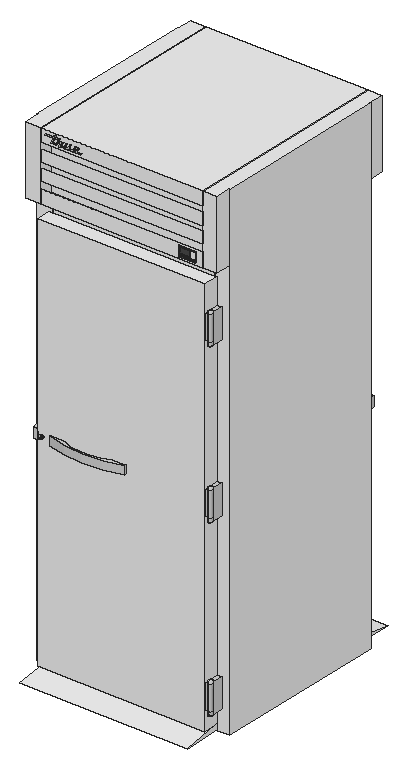
Revit family
Parameters
  Weight in Pounds = 0
  Watts = Volts * FL Amps  # 1023.5 W
  Volts = 115 V
  URL Cutsheet = "www.truemfg.com"
  URL = "www.truemfg.com"
  Type Mark [instance] = ""
  Type Comments = ""
  Status [instance] = ""
  Specification by User [instance] = ""
  Specification by Manufacturer = ""
  Show Logo [instance] = yes
  Show Clearance [instance] = yes
  Serial Number = ""
  Seismic Rating = ""
  SMACNA No = ""
  Revision Code [instance] = ""
  Phase = 1
  Omniclass Number and Title = ""
  Number of Poles [instance] = 1
  NAFEM Spec ID Number = ""
  Model = "STG1RRT89-1S-1S"
  Min Ckt Ampacity = 0 A
  Max Overcurrent Protection = 0 A
  Masterspec = ""
  Manufacturer = "TRUE FOOD SERVICE EQUIPMENT, INC."
  Length = 35"
  Item Number [instance] = ""
  Installed By [instance] = ""
  Identify Quantity as Lot [instance] = yes
  Height = 88 3/4"
  HP = "1/3"
  Furnished By [instance] = ""
  Foodservice Equipment Identifier [instance] = yes
  FL Amps = 8.9 A
  Electrical Remarks [instance] = ""
  Electric Connection Type [instance] = ""
  Elec Conn RI Height [instance] = 0"
  Elec Conn Connection Height [instance] = 0"
  Description = "Roll-thru Solid Swing Door Refrigerator"
  Depth = 37 1/2"
  Cycle = 60 Hz
  Conn Plug = "5-15P"
  Conn Conduit = yes
  CSI MasterFormat = ""
  CSI Master Format = ""
  Apparent Power = if(Phase = 3, Volts * FL Amps * 1.73, Volts * FL Amps)  # 1023.5 VA
Reference planes (in)
  plane 1 "BACK": y = 0
  plane 2: z = 0
  plane 3 "LEFT": x = 0
  plane 4 "RIGHT": x = 35
  plane 5 "FRONT": y = -37.5
  plane 6 "TOP": z = 88.75
  plane 7: x = 2.84375
  plane 8: y = -37.4542
  plane 9: x = 32.15625
  plane 10: y = -0.0458
  plane 11: y = -18.75
  plane 12: z = 73.75
Forms (in)
  Extrusion 1, solid, material "QF_Finishes_Chrome - Satin"
    sketch origin (0.05, 0, 0) x (1, 0, 0) y (0, 1, 0)
      loop
        line (-0.05, -2.75) -> (-0.05, -34.75) -> (2.87859, -34.75) -> (2.87859, -2.75) -> (-0.05, -2.75)
    from 0 to 88.75
  Extrusion 2, solid, material "QF_Finishes_Chrome - Satin"
    sketch origin (50.15, 0, 0) x (1, 0, 0) y (0, 1, 0)
      loop
        line (-17.85, -2.75) -> (-17.85, -34.75) -> (-15.15, -34.75) -> (-15.15, -2.75) -> (-17.85, -2.75)
    from 0 to 88.75
  Extrusion 3, solid, material "QF_Finishes_Chrome - Satin"
    sketch origin (0, 0, 0) x (0, 1, 0) y (0, 0, 1)
      loop
        line (-37.4542, 76.28125) -> (-34.75, 76.28125) -> (-34.75, 0) -> (-2.75, 0) -> (-2.75, 76.28125) -> (-0.0458, 76.28125) -> (-0.0458, 78.81726) -> (-2.25, 77.25) -> (-2.25, 78.52557) -> (-0.0458, 80.09284) -> (-0.0458, 82.18904) -> (-2.25, 80.62178) -> (-2.25, 81.58254) -> (-0.0458, 83.1498) -> (-0.0458, 85.28351) -> (-2.25, 83.71625) -> (-2.25, 84.83852) -> (-0.0458, 86.40578) -> (-0.0458, 88.75) -> (-37.4542, 88.75) -> (-37.4542, 86.40578) -> (-35.25, 84.83852) -> (-35.25, 83.71625) -> (-37.4542, 85.28351) -> (-37.4542, 83.1498) -> (-35.25, 81.58254) -> (-35.25, 80.62178) -> (-37.4542, 82.18904) -> (-37.4542, 80.09284) -> (-35.25, 78.52557) -> (-35.25, 77.25) -> (-37.4542, 78.81726) -> (-37.4542, 76.28125)
    from 2.92859 to 32.3
  Extrusion 4, solid, material "QF_Finishes_Chrome - Satin"
    sketch origin (0, 0, 0) x (1, 0, 0) y (0, 1, 0)
      loop
        line (34.84782, -34.75) -> (32.3, -34.75) -> (32.3, -37.5) -> (34.84782, -37.5) -> (34.84782, -34.75)
      loop
        line (34.84782, -2.75) -> (34.84782, 0) -> (32.3, 0) -> (32.3, -2.75) -> (34.84782, -2.75)
    from 76.28125 to 88.75
  Extrusion 5, solid, material "QF_Finishes_Chrome - Satin"
    sketch origin (-50.125, 0, 0.25) x (1, 0, 0) y (0, 1, 0)
      loop
        line (53.05359, -34.75) -> (50.24109, -34.75) -> (50.24109, -37.5) -> (53.05359, -37.5) -> (53.05359, -34.75)
      loop
        line (53.05359, -2.75) -> (53.05359, 0) -> (50.24109, 0) -> (50.24109, -2.75) -> (53.05359, -2.75)
    from 76.03125 to 88.5
  Extrusion 6, solid, material "QF_Finishes_Chrome - Satin"
    sketch origin (-24.96875, -3.75, -0.71875) x (1, 0, 0) y (0, 0, 1)
      loop
        line (27.25, 1.71875) -> (57.65625, 1.71875) -> (57.65625, 74.46875) -> (27.25, 74.46875) -> (27.25, 1.71875)
    from 31 to 33.75
  Extrusion 7, solid, material "QF_Finishes_Handrails and Railings"
    sketch origin (58.625, -0.25, 26.93519) x (1, 0, 0) y (0, 1, 0)
      loop
        line (-53.875, -37.25) -> (-53.875, -37.45)
        arc (-53.875, -37.45) -> (-47.075, -38.65633) -> (-40.275, -37.45) r 19.7687
        line (-40.275, -37.45) -> (-40.275, -37.25) -> (-42.675, -37.25)
        arc (-42.675, -37.25) -> (-47.075, -38.40816) -> (-51.475, -37.25) r 8.93713
        line (-51.475, -37.25) -> (-53.875, -37.25)
    from 10.87731 to 12.37731
  Extrusion 8, solid, material "QF_Finishes_Handrails and Railings"
    sketch origin (-23.375, -3.83467, -1.5) x (1, 0, 0) y (0, 0, 1)
      loop
        circle (26.4375, 40.0625) r 0.35
      loop
        line (26.47265, 40.33635) -> (26.41715, 40.33635) -> (26.41715, 39.76895) -> (26.47265, 39.76895) -> (26.47265, 40.33635)
    from 33.5 to 33.83066
  Extrusion 9, solid, material "QF_Finishes_Handrails and Railings", visible <- "Show Logo"
    sketch origin (0.33478, -2.68623, 5.01857) x (1, 0, 0) y (0, 0, 1)
      loop
        line (3.46044, 83.08731) -> (3.35478, 82.86073) -> (4.76027, 82.86073)
        arc (4.76027, 82.86073) -> (4.78879, 82.81028) -> (4.76027, 82.75984) r 0.05887
        line (4.76027, 82.75984) -> (4.39369, 81.97372)
        arc (4.39369, 81.97372) -> (4.39051, 81.90091) -> (4.43975, 81.84717) r 0.09523
        line (4.43975, 81.84717) -> (5.33844, 81.84717)
        arc (5.33844, 81.84717) -> (5.45192, 81.88295) -> (5.52436, 81.97735) r 0.19785
        line (5.52436, 81.97735) -> (5.81285, 82.59601) -> (6.0779, 82.59601)
        arc (6.0779, 82.59601) -> (6.14744, 82.57043) -> (6.13737, 82.49703) r 0.05911
        line (6.13737, 82.49703) -> (5.89598, 81.97937)
        arc (5.89598, 81.97937) -> (5.89974, 81.8934) -> (5.97231, 81.84717) r 0.09318
        line (5.97231, 81.84717) -> (6.76198, 81.84717)
        arc (6.76198, 81.84717) -> (6.82249, 81.86919) -> (6.85468, 81.92495) r 0.09412
        arc (6.85468, 81.92495) -> (6.87746, 81.86995) -> (6.93246, 81.84717) r 0.07778
        line (6.93246, 81.84717) -> (7.43246, 81.84717)
        arc (7.43246, 81.84717) -> (7.49022, 81.86265) -> (7.53251, 81.90493) r 0.11552
        arc (7.53251, 81.90493) -> (7.55275, 81.85606) -> (7.60162, 81.83581) r 0.06912
        line (7.60162, 81.83581) -> (8.31225, 81.83581)
        arc (8.31225, 81.83581) -> (8.37034, 81.85988) -> (8.39441, 81.91797) r 0.08216
        arc (8.39441, 81.91797) -> (8.44767, 81.86472) -> (8.52042, 81.84522) r 0.14551
        line (8.52042, 81.84522) -> (9.85158, 81.84522) -> (9.99946, 82.10134) -> (8.65678, 82.10134)
        arc (8.65678, 82.10134) -> (8.61972, 82.12704) -> (8.61834, 82.17211) r 0.05009
        line (8.61834, 82.17211) -> (8.64157, 82.22192)
        arc (8.64157, 82.22192) -> (8.67723, 82.26864) -> (8.73327, 82.28635) r 0.09747
        line (8.73327, 82.28635) -> (9.16485, 82.28635)
        arc (9.16485, 82.28635) -> (9.258, 82.31131) -> (9.32619, 82.3795) r 0.1863
        line (9.32619, 82.3795) -> (9.45119, 82.59601)
        arc (9.45119, 82.59601) -> (9.45119, 82.71157) -> (9.35111, 82.76934) r 0.11556
        line (9.35111, 82.76934) -> (8.89562, 82.76934)
        arc (8.89562, 82.76934) -> (8.7795, 82.74962) -> (8.69849, 82.66412) r 0.18605
        line (8.69849, 82.66412) -> (8.48204, 82.19993)
        arc (8.48204, 82.19993) -> (8.41815, 82.11667) -> (8.31806, 82.08511) r 0.1745
        line (8.31806, 82.08511) -> (7.84559, 82.08511)
        arc (7.84559, 82.08511) -> (7.78903, 82.14684) -> (7.79268, 82.23048) r 0.10939
        line (7.79268, 82.23048) -> (8.04395, 82.76934) -> (7.88403, 82.76934) -> (7.61781, 82.19844)
        arc (7.61781, 82.19844) -> (7.56609, 82.13103) -> (7.48505, 82.10548) r 0.14128
        line (7.48505, 82.10548) -> (7.15925, 82.10548)
        arc (7.15925, 82.10548) -> (7.10419, 82.17723) -> (7.116, 82.26689) r 0.11816
        line (7.116, 82.26689) -> (7.3503, 82.76934) -> (7.18514, 82.76934) -> (6.91546, 82.191)
        arc (6.91546, 82.191) -> (6.85285, 82.12839) -> (6.76733, 82.10548) r 0.17104
        line (6.76733, 82.10548) -> (6.29555, 82.10548)
        arc (6.29555, 82.10548) -> (6.21082, 82.14499) -> (6.20267, 82.23813) r 0.0935
        line (6.20267, 82.23813) -> (6.35774, 82.57069) -> (6.57695, 82.57069)
        arc (6.57695, 82.57069) -> (6.61395, 82.68217) -> (6.69267, 82.76934) r 0.2857
        line (6.69267, 82.76934) -> (5.83605, 82.76934)
        arc (5.83605, 82.76934) -> (5.74086, 82.74824) -> (5.67498, 82.67635) r 0.16212
        line (5.67498, 82.67635) -> (5.44279, 82.17841)
        arc (5.44279, 82.17841) -> (5.3894, 82.12502) -> (5.31647, 82.10548) r 0.14586
        line (5.31647, 82.10548) -> (4.80506, 82.10548)
        arc (4.80506, 82.10548) -> (4.76514, 82.15942) -> (4.77274, 82.22609) r 0.09155
        line (4.77274, 82.22609) -> (5.11018, 82.86073) -> (5.96155, 82.86073) -> (6.06721, 83.08731) -> (5.21584, 83.08731) -> (5.32149, 83.31388) -> (5.01862, 83.31388) -> (4.91297, 83.08731) -> (3.46044, 83.08731)
      loop
        arc (8.83805, 82.56363) -> (8.80119, 82.55375) -> (8.7742, 82.52676) r 0.07373
        line (8.7742, 82.52676) -> (8.75229, 82.45936)
        arc (8.75229, 82.45936) -> (8.76245, 82.43483) -> (8.78699, 82.42466) r 0.0347
        line (8.78699, 82.42466) -> (9.15948, 82.42466)
        arc (9.15948, 82.42466) -> (9.18632, 82.43061) -> (9.20812, 82.44734) r 0.0635
        line (9.20812, 82.44734) -> (9.22624, 82.53122)
        arc (9.22624, 82.53122) -> (9.22091, 82.55368) -> (9.20009, 82.56363) r 0.02676
        line (9.20009, 82.56363) -> (8.83805, 82.56363)
    from 34.76797 to 34.83173
  Extrusion 10, solid, material "QF_Finishes_White"
    sketch origin (-22.74812, -2.7042, -7.94372) x (1, 0, 0) y (0, 0, 1)
      loop
        line (50.81732, 86.35727) -> (50.81732, 84.60996) -> (53.72357, 84.60996) -> (53.72357, 86.35727) -> (50.81732, 86.35727)
    from 34.75 to 34.76797
  Extrusion 11, solid, material "QF_Finishes_Black"
    sketch origin (-22.74812, -2.7042, -7.94372) x (1, 0, 0) y (0, 0, 1)
      loop
        line (53.78607, 86.41977) -> (50.75482, 86.41977) -> (50.75482, 84.54746) -> (53.78607, 84.54746) -> (53.78607, 86.41977)
      loop
        spline (50.95482, 84.87872) -> (50.96333, 84.86254) -> (50.98831, 84.84747) -> (51.02804, 84.83452) -> (51.07982, 84.82459) -> (51.14011, 84.81835) -> (51.20482, 84.81622) -> (51.26952, 84.81835) -> (51.32982, 84.82459) -> (51.38159, 84.83452) -> (51.42132, 84.84747) -> (51.4463, 84.86254) -> (51.45482, 84.87872)
        spline (51.45482, 84.87872) -> (51.4463, 84.89489) -> (51.42132, 84.90997) -> (51.38159, 84.92291) -> (51.32982, 84.93284) -> (51.26952, 84.93909) -> (51.20482, 84.94122) -> (51.14011, 84.93909) -> (51.07982, 84.93284) -> (51.02804, 84.92291) -> (50.98831, 84.90997) -> (50.96333, 84.89489) -> (50.95482, 84.87872)
      loop
        spline (51.65083, 84.87872) -> (51.65935, 84.86254) -> (51.68432, 84.84747) -> (51.72405, 84.83452) -> (51.77583, 84.82459) -> (51.83612, 84.81835) -> (51.90083, 84.81622) -> (51.96553, 84.81835) -> (52.02583, 84.82459) -> (52.07761, 84.83452) -> (52.11734, 84.84747) -> (52.14231, 84.86254) -> (52.15083, 84.87872)
        spline (52.15083, 84.87872) -> (52.14231, 84.89489) -> (52.11734, 84.90997) -> (52.07761, 84.92291) -> (52.02583, 84.93284) -> (51.96553, 84.93909) -> (51.90083, 84.94122) -> (51.83612, 84.93909) -> (51.77583, 84.93284) -> (51.72405, 84.92291) -> (51.68432, 84.90997) -> (51.65935, 84.89489) -> (51.65083, 84.87872)
      loop
        spline (52.40083, 84.87872) -> (52.40935, 84.86254) -> (52.43432, 84.84747) -> (52.47405, 84.83452) -> (52.52583, 84.82459) -> (52.58612, 84.81835) -> (52.65083, 84.81622) -> (52.71553, 84.81835) -> (52.77583, 84.82459) -> (52.82761, 84.83452) -> (52.86734, 84.84747) -> (52.89231, 84.86254) -> (52.90083, 84.87872)
        spline (52.90083, 84.87872) -> (52.89231, 84.89489) -> (52.86734, 84.90997) -> (52.82761, 84.92291) -> (52.77583, 84.93284) -> (52.71553, 84.93909) -> (52.65083, 84.94122) -> (52.58612, 84.93909) -> (52.52583, 84.93284) -> (52.47405, 84.92291) -> (52.43432, 84.90997) -> (52.40935, 84.89489) -> (52.40083, 84.87872)
      loop
        line (50.95481, 86.21978) -> (50.95481, 85.21978) -> (52.65433, 85.21978) -> (52.65433, 86.21978) -> (50.95481, 86.21978)
      loop
        line (53.72357, 86.35727) -> (50.81732, 86.35727) -> (50.81732, 84.60996) -> (53.72357, 84.60996) -> (53.72357, 86.35727)
      loop
        spline (53.15083, 84.87872) -> (53.15935, 84.86254) -> (53.18432, 84.84747) -> (53.22405, 84.83452) -> (53.27583, 84.82459) -> (53.33612, 84.81835) -> (53.40083, 84.81622) -> (53.46553, 84.81835) -> (53.52583, 84.82459) -> (53.57761, 84.83452) -> (53.61734, 84.84747) -> (53.64231, 84.86254) -> (53.65083, 84.87872)
        spline (53.65083, 84.87872) -> (53.64231, 84.89489) -> (53.61734, 84.90997) -> (53.57761, 84.92291) -> (53.52583, 84.93284) -> (53.46553, 84.93909) -> (53.40083, 84.94122) -> (53.33612, 84.93909) -> (53.27583, 84.93284) -> (53.22405, 84.92291) -> (53.18432, 84.90997) -> (53.15935, 84.89489) -> (53.15083, 84.87872)
    from 34.76797 to 34.80335
  Extrusion 12, solid
    sketch origin (-25.125, 0, 0) x (1, 0, 0) y (0, 0, 1)
      loop
        circle (56.875, 86.625) r 0.25
    from 0 to 0.0625
  Blend 13, solid, material "QF_Finishes_Handrails and Railings"
    base sketch origin (27.53125, -3.75, 0.5) x (-1, 0, 0) y (0, 0, -1)
      loop
        line (25.25, -38.99169) -> (26, -38.99169) -> (26, -37.24169) -> (25.25, -37.24169) -> (25.25, -38.99169)
    top sketch origin (27.53125, 0, 0.5) x (-1, 0, 0) y (0, 0, -1)
      loop
        line (26.18223, -36.6441) -> (25.25, -36.6441) -> (25.25, -39.42643) -> (26.18223, -39.42643) -> (26.18223, -36.6441)
    from 33.57883 to 34.75
  Extrusion 14, solid, material "QF_Finishes_Handrails and Railings"
    sketch origin (33.78125, 0, 0) x (0, 1, 0) y (0, 0, -1)
      loop
        line (-34.75, -69.17729) -> (-34.75, -63.86127) -> (-37, -63.86127) -> (-37, -64.57348) -> (-36.56497, -64.57348) -> (-36.56497, -68.97276)
        arc (-36.56497, -68.97276) -> (-36.50506, -69.11738) -> (-36.36044, -69.17729) r 0.20453
        line (-36.36044, -69.17729) -> (-34.75, -69.17729)
    from 0.17506 to 1
  Revolve 15, solid, material "QF_Finishes_Handrails and Railings"
    sketch origin (33.28125, 0, 0) x (0, 1, 0) y (0, 0, -1)
      loop
        line (-37.01563, -64.62689) -> (-37.42229, -64.62689) -> (-37.42229, -69.0986)
        arc (-37.42229, -69.0986) -> (-37.28722, -69.35057) -> (-37.01563, -69.43983) r 0.3848
        line (-37.01563, -69.43983) -> (-37.01563, -64.62689)
      loop
        line (-37.01563, -64.57348) -> (-37.01563, -63.67281)
        arc (-37.01563, -63.67281) -> (-37.28264, -63.75883) -> (-37.42229, -64.00212) r 0.38884
        line (-37.42229, -64.00212) -> (-37.42229, -64.57348) -> (-37.01563, -64.57348)
      axis (-37.01563, -63.67281) -> (-37.01563, -69.43983)
    angle from 0 to 360
  Extrusion 16, solid, material "QF_Finishes_Handrails and Railings"
    sketch origin (27.5, -3.82734, 0.0011) x (-1, 0, 0) y (0, 0, -1)
      loop
        line (-5.58509, -69.0986) -> (-5.1875, -69.0986) -> (-5.1875, -64.62579) -> (-5.58509, -64.62579) -> (-5.58509, -69.0986)
    from 32.81497 to 33.59495
  Extrusion 17, solid, material "QF_Finishes_Handrails and Railings"
    sketch origin (33.78125, 0, -24) x (0, 1, 0) y (0, 0, -1)
      loop
        line (-34.75, -64.55229) -> (-34.75, -59.23627) -> (-37, -59.23627) -> (-37, -59.94848) -> (-36.56497, -59.94848) -> (-36.56497, -64.34776)
        arc (-36.56497, -64.34776) -> (-36.50506, -64.49238) -> (-36.36044, -64.55229) r 0.20453
        line (-36.36044, -64.55229) -> (-34.75, -64.55229)
    from 0.17506 to 1
  Revolve 18, solid, material "QF_Finishes_Handrails and Railings"
    sketch origin (33.28125, 0, -24) x (0, 1, 0) y (0, 0, -1)
      loop
        line (-37.01563, -60.00189) -> (-37.42229, -60.00189) -> (-37.42229, -64.4736)
        arc (-37.42229, -64.4736) -> (-37.28722, -64.72557) -> (-37.01563, -64.81483) r 0.3848
        line (-37.01563, -64.81483) -> (-37.01563, -60.00189)
      loop
        line (-37.01563, -59.94848) -> (-37.01563, -59.04781)
        arc (-37.01563, -59.04781) -> (-37.28264, -59.13383) -> (-37.42229, -59.37712) r 0.38884
        line (-37.42229, -59.37712) -> (-37.42229, -59.94848) -> (-37.01563, -59.94848)
      axis (-37.01563, -59.04781) -> (-37.01563, -64.81483)
    angle from 0 to 360
  Extrusion 19, solid, material "QF_Finishes_Handrails and Railings"
    sketch origin (27.5, -3.82734, -23.9989) x (-1, 0, 0) y (0, 0, -1)
      loop
        line (-5.58509, -64.4736) -> (-5.1875, -64.4736) -> (-5.1875, -60.00079) -> (-5.58509, -60.00079) -> (-5.58509, -64.4736)
    from 32.81497 to 33.59495
  Extrusion 20, solid, material "QF_Finishes_Handrails and Railings"
    sketch origin (33.78125, 0, -55.5) x (0, 1, 0) y (0, 0, -1)
      loop
        line (-34.75, -64.55229) -> (-34.75, -59.23627) -> (-37, -59.23627) -> (-37, -59.94848) -> (-36.56497, -59.94848) -> (-36.56497, -64.34776)
        arc (-36.56497, -64.34776) -> (-36.50506, -64.49238) -> (-36.36044, -64.55229) r 0.20453
        line (-36.36044, -64.55229) -> (-34.75, -64.55229)
    from 0.17506 to 1
  Revolve 21, solid, material "QF_Finishes_Handrails and Railings"
    sketch origin (33.28125, 0, -55.5) x (0, 1, 0) y (0, 0, -1)
      loop
        line (-37.01563, -60.00189) -> (-37.42229, -60.00189) -> (-37.42229, -64.4736)
        arc (-37.42229, -64.4736) -> (-37.28722, -64.72557) -> (-37.01563, -64.81483) r 0.3848
        line (-37.01563, -64.81483) -> (-37.01563, -60.00189)
      loop
        line (-37.01563, -59.94848) -> (-37.01563, -59.04781)
        arc (-37.01563, -59.04781) -> (-37.28264, -59.13383) -> (-37.42229, -59.37712) r 0.38884
        line (-37.42229, -59.37712) -> (-37.42229, -59.94848) -> (-37.01563, -59.94848)
      axis (-37.01563, -59.04781) -> (-37.01563, -64.81483)
    angle from 0 to 360
  Extrusion 22, solid, material "QF_Finishes_Handrails and Railings"
    sketch origin (27.5, -3.82734, -55.4989) x (-1, 0, 0) y (0, 0, -1)
      loop
        line (-5.58509, -64.4736) -> (-5.1875, -64.4736) -> (-5.1875, -60.00079) -> (-5.58509, -60.00079) -> (-5.58509, -64.4736)
    from 32.81497 to 33.59495
  Extrusion 23, solid, material "QF_Finishes_Door Clearance", visible <- "Show Clearance", detail levels coarse
    sketch origin (26.42841, -3.6098, 0) x (1, 0, 0) y (0, 1, 0)
      loop
        line (6.32159, -33.8902) -> (-24.14716, -33.8902)
        arc (-24.14716, -33.8902) -> (-15.22307, -55.43486) -> (6.32159, -64.35895) r 30.46875
        line (6.32159, -64.35895) -> (6.32159, -33.8902)
    from 1 to 73.75
  Extrusion 24, solid, material "QF_Finishes_Chrome - Satin"
    sketch origin (32.6875, -3.75, 1) x (0, 0, 1) y (0, -1, 0)
      loop
        line (-1, 37.6875) -> (-1, 31) -> (0, 31) -> (-1, 37.6875)
    from 0 to -30.40625
  Extrusion 25, solid, material "QF_Finishes_Chrome - Satin"
    sketch origin (59.96875, -33.75, -0.71875) x (-1, 0, 0) y (0, 0, 1)
      loop
        line (27.25, 1.71875) -> (57.65625, 1.71875) -> (57.65625, 74.46875) -> (27.25, 74.46875) -> (27.25, 1.71875)
    from 31 to 33.75
  Extrusion 26, solid, material "QF_Finishes_Handrails and Railings"
    sketch origin (-23.625, -37.25, 26.93519) x (-1, 0, 0) y (0, -1, 0)
      loop
        line (-53.875, -37.25) -> (-53.875, -37.45)
        arc (-53.875, -37.45) -> (-47.075, -38.65628) -> (-40.275, -37.45) r 19.76948
        line (-40.275, -37.45) -> (-40.275, -37.25) -> (-42.675, -37.25)
        arc (-42.675, -37.25) -> (-47.075, -38.40816) -> (-51.475, -37.25) r 8.93715
        line (-51.475, -37.25) -> (-53.875, -37.25)
    from 10.87731 to 12.37731
  Extrusion 27, solid, material "QF_Finishes_Handrails and Railings"
    sketch origin (58.375, -33.66533, -1.5) x (-1, 0, 0) y (0, 0, 1)
      loop
        circle (26.4375, 40.0625) r 0.35
      loop
        line (26.47265, 40.33635) -> (26.41715, 40.33635) -> (26.41715, 39.76895) -> (26.47265, 39.76895) -> (26.47265, 40.33635)
    from 33.5 to 33.83066
  Blend 28, solid, material "QF_Finishes_Handrails and Railings"
    base sketch origin (7.46875, -33.75, 0.5) x (1, 0, 0) y (0, 0, -1)
      loop
        line (25.25, -38.99169) -> (26, -38.99169) -> (26, -37.24169) -> (25.25, -37.24169) -> (25.25, -38.99169)
    top sketch origin (7.46875, -37.5, 0.5) x (1, 0, 0) y (0, 0, -1)
      loop
        line (26.18223, -36.6441) -> (25.25, -36.6441) -> (25.25, -39.42643) -> (26.18223, -39.42643) -> (26.18223, -36.6441)
    from 33.57883 to 34.75
  Extrusion 29, solid, material "QF_Finishes_Handrails and Railings"
    sketch origin (1.21875, -37.5, 0) x (0, -1, 0) y (0, 0, -1)
      loop
        line (-34.75, -69.17729) -> (-34.75, -63.86127) -> (-37, -63.86127) -> (-37, -64.57348) -> (-36.56497, -64.57348) -> (-36.56497, -68.97276)
        arc (-36.56497, -68.97276) -> (-36.50506, -69.11738) -> (-36.36044, -69.17729) r 0.20453
        line (-36.36044, -69.17729) -> (-34.75, -69.17729)
    from 0.17506 to 1
  Revolve 30, solid, material "QF_Finishes_Handrails and Railings"
    sketch origin (1.71875, -37.5, 0) x (0, -1, 0) y (0, 0, -1)
      loop
        line (-37.01563, -64.62689) -> (-37.42229, -64.62689) -> (-37.42229, -69.0986)
        arc (-37.42229, -69.0986) -> (-37.28722, -69.35057) -> (-37.01563, -69.43983) r 0.3848
        line (-37.01563, -69.43983) -> (-37.01563, -64.62689)
      loop
        line (-37.01563, -64.57348) -> (-37.01563, -63.67281)
        arc (-37.01563, -63.67281) -> (-37.28264, -63.75883) -> (-37.42229, -64.00212) r 0.38884
        line (-37.42229, -64.00212) -> (-37.42229, -64.57348) -> (-37.01563, -64.57348)
      axis (-37.01563, -63.67281) -> (-37.01563, -69.43983)
    angle from 0 to 360
  Extrusion 31, solid, material "QF_Finishes_Handrails and Railings"
    sketch origin (7.5, -33.67266, 0.0011) x (1, 0, 0) y (0, 0, -1)
      loop
        line (-5.58509, -69.0986) -> (-5.1875, -69.0986) -> (-5.1875, -64.62579) -> (-5.58509, -64.62579) -> (-5.58509, -69.0986)
    from 32.81497 to 33.59495
  Extrusion 32, solid, material "QF_Finishes_Handrails and Railings"
    sketch origin (1.21875, -37.5, -24) x (0, -1, 0) y (0, 0, -1)
      loop
        line (-34.75, -64.55229) -> (-34.75, -59.23627) -> (-37, -59.23627) -> (-37, -59.94848) -> (-36.56497, -59.94848) -> (-36.56497, -64.34776)
        arc (-36.56497, -64.34776) -> (-36.50506, -64.49238) -> (-36.36044, -64.55229) r 0.20453
        line (-36.36044, -64.55229) -> (-34.75, -64.55229)
    from 0.17506 to 1
  Revolve 33, solid, material "QF_Finishes_Handrails and Railings"
    sketch origin (1.71875, -37.5, -24) x (0, -1, 0) y (0, 0, -1)
      loop
        line (-37.01563, -60.00189) -> (-37.42229, -60.00189) -> (-37.42229, -64.4736)
        arc (-37.42229, -64.4736) -> (-37.28722, -64.72557) -> (-37.01563, -64.81483) r 0.3848
        line (-37.01563, -64.81483) -> (-37.01563, -60.00189)
      loop
        line (-37.01563, -59.94848) -> (-37.01563, -59.04781)
        arc (-37.01563, -59.04781) -> (-37.28264, -59.13383) -> (-37.42229, -59.37712) r 0.38884
        line (-37.42229, -59.37712) -> (-37.42229, -59.94848) -> (-37.01563, -59.94848)
      axis (-37.01563, -59.04781) -> (-37.01563, -64.81483)
    angle from 0 to 360
  Extrusion 34, solid, material "QF_Finishes_Handrails and Railings"
    sketch origin (7.5, -33.67266, -23.9989) x (1, 0, 0) y (0, 0, -1)
      loop
        line (-5.58509, -64.4736) -> (-5.1875, -64.4736) -> (-5.1875, -60.00079) -> (-5.58509, -60.00079) -> (-5.58509, -64.4736)
    from 32.81497 to 33.59495
  Extrusion 35, solid, material "QF_Finishes_Handrails and Railings"
    sketch origin (1.21875, -37.5, -55.5) x (0, -1, 0) y (0, 0, -1)
      loop
        line (-34.75, -64.55229) -> (-34.75, -59.23627) -> (-37, -59.23627) -> (-37, -59.94848) -> (-36.56497, -59.94848) -> (-36.56497, -64.34776)
        arc (-36.56497, -64.34776) -> (-36.50506, -64.49238) -> (-36.36044, -64.55229) r 0.20453
        line (-36.36044, -64.55229) -> (-34.75, -64.55229)
    from 0.17506 to 1
  Revolve 36, solid, material "QF_Finishes_Handrails and Railings"
    sketch origin (1.71875, -37.5, -55.5) x (0, -1, 0) y (0, 0, -1)
      loop
        line (-37.01563, -60.00189) -> (-37.42229, -60.00189) -> (-37.42229, -64.4736)
        arc (-37.42229, -64.4736) -> (-37.28722, -64.72557) -> (-37.01563, -64.81483) r 0.3848
        line (-37.01563, -64.81483) -> (-37.01563, -60.00189)
      loop
        line (-37.01563, -59.94848) -> (-37.01563, -59.04781)
        arc (-37.01563, -59.04781) -> (-37.28264, -59.13383) -> (-37.42229, -59.37712) r 0.38884
        line (-37.42229, -59.37712) -> (-37.42229, -59.94848) -> (-37.01563, -59.94848)
      axis (-37.01563, -59.04781) -> (-37.01563, -64.81483)
    angle from 0 to 360
  Extrusion 37, solid, material "QF_Finishes_Handrails and Railings"
    sketch origin (7.5, -33.67266, -55.4989) x (1, 0, 0) y (0, 0, -1)
      loop
        line (-5.58509, -64.4736) -> (-5.1875, -64.4736) -> (-5.1875, -60.00079) -> (-5.58509, -60.00079) -> (-5.58509, -64.4736)
    from 32.81497 to 33.59495
  Extrusion 38, solid, material "QF_Finishes_Door Clearance", visible <- "Show Clearance", detail levels coarse
    sketch origin (8.57159, -33.8902, 0) x (-1, 0, 0) y (0, -1, 0)
      loop
        line (6.32159, -33.8902) -> (-24.14716, -33.8902)
        arc (-24.14716, -33.8902) -> (-15.22307, -55.43486) -> (6.32159, -64.35895) r 30.46875
        line (6.32159, -64.35895) -> (6.32159, -33.8902)
    from 1 to 73.75
  Extrusion 39, solid, material "QF_Finishes_Chrome - Satin"
    sketch origin (2.3125, -33.75, 1) x (0, 0, 1) y (0, 1, 0)
      loop
        line (-1, 37.6875) -> (-1, 31) -> (0, 31) -> (-1, 37.6875)
    from 0 to -30.40625
Cuts and joins
  joined: Extrusion 1, Extrusion 2, Extrusion 4, Extrusion 5
Lines and regions (in)
  symbolic lines
    curve 1: line (0, 0, 0) -> (35, 0, 0)
    curve 2: line (0, -37.5, 0) -> (0, 0, 0)
    curve 3: line (35, -37.5, 0) -> (0, -37.5, 0)
    curve 4: line (35, 0, 0) -> (35, -37.5, 0)
    curve 5: line (35, -35.25, 0) -> (0, -35.25, 0)
    curve 6: arc (15.95746, -37.5, 0) -> (11.55746, -38.65816, 0) -> (7.15746, -37.5, 0) r 8.93715
    curve 7: line (4.75746, -37.5, 0) -> (4.75746, -37.70273, 0)
    curve 8: line (18.35746, -37.69726, 0) -> (18.35746, -37.5, 0)
    curve 13: line (16.65, 0.2, 0) -> (16.65, 0, 0)
    curve 14: line (30.25, 0, 0) -> (30.25, 0.2, 0)
    curve 15: arc (19.05, 0, 0) -> (23.45, 1.15816, 0) -> (27.85, 0, 0) r 8.93715
    curve 16: arc (4.75746, -37.70273, 0) -> (11.55795, -38.90633, 0) -> (18.35746, -37.69726, 0) r 19.7687
    curve 17: arc (30.25, 0.2, 0) -> (23.45, 1.40628, 0) -> (16.65, 0.2, 0) r 19.76948
    curve 18: line (35, -2.25, 0) -> (0, -2.25, 0)
  symbolic lines, style "QF-Door Swings", visible <- "Show Clearance", detail levels coarse
    curve 9: line (32.75, -37.5, 0) -> (32.75, -67.96875, 0)
    curve 10: arc (32.75, -67.96875, 0) -> (11.20534, -59.04466, 0) -> (2.28125, -37.5, 0) r 30.46875
    curve 11: line (2.25, 0, 0) -> (2.25, 30.46875, 0)
    curve 12: arc (2.25, 30.46875, 0) -> (23.79466, 21.54466, 0) -> (32.71875, 0, 0) r 30.46875
Dimensions and locks (in)
  "Depth": plane 5 "FRONT" to plane 1 "BACK"
  plane 6 "TOP" to level = 88 3/4"  (x2)
  Extrusion 6 sketch curve to Extrusion 6 sketch curve = 30 13/32"
  Extrusion 6 to plane 1 "BACK" = 37 1/2"
  "Length": plane 3 "LEFT" to plane 4 "RIGHT"
  plane 4 "RIGHT" to plane 3 "LEFT" = 35"
  plane 5 "FRONT" to plane 1 "BACK" = 37 1/2"
  Extrusion 25 sketch curve to Extrusion 25 sketch curve = 30 13/32"
  plane 12 to level = 73 3/4"
  aligned and locked: level to plane 2
Automatic sketch dimensions
  Extrusion 39 sketch curve to Extrusion 25 = 0"
  Extrusion 39 sketch curve to Extrusion 39 sketch curve = 1"
  Extrusion 39 sketch curve to Extrusion 25 = 3 15/16"
  Extrusion 1 sketch curve to plane 3 "LEFT" = 0"
  plane 1 "BACK" to Extrusion 1 sketch curve = 2 3/4"
  plane 7 to Extrusion 1 sketch curve = 0.08484"
  Extrusion 1 sketch curve to plane 5 "FRONT" = 2 3/4"
  plane 1 "BACK" to Extrusion 2 sketch curve = 2 3/4"
  Extrusion 2 sketch curve to plane 4 "RIGHT" = 0"
  Extrusion 2 sketch curve to plane 9 = 0.14375"
  Extrusion 2 sketch curve to plane 5 "FRONT" = 2 3/4"
  Extrusion 3 sketch curve to plane 8 = 0"  (x4)
  Extrusion 3 sketch curve to level = 0"
  Extrusion 3 sketch curve to plane 10 = 0"  (x4)
  Extrusion 3 sketch curve to plane 6 "TOP" = 0"
  plane 8 to Extrusion 3 sketch curve = 2.2042"
  Extrusion 3 sketch curve to Extrusion 3 sketch curve = 0"  (x3)
  plane 8 to Extrusion 3 sketch curve = 2.7042"
  Extrusion 3 sketch curve to Extrusion 3 sketch curve = 2.7042"
  plane 10 to Extrusion 3 sketch curve = 2.2042"
  Extrusion 3 sketch curve to Extrusion 3 sketch curve = 1/2"
  Extrusion 3 sketch curve to plane 6 "TOP" = 12 15/32"  (x2)
  Extrusion 3 sketch curve to Extrusion 3 sketch curve = 31/32"  (x2)
  Extrusion 3 sketch curve to Extrusion 3 sketch curve = 1.27557"  (x4)
  Extrusion 3 sketch curve to Extrusion 3 sketch curve = 0.29169"  (x2)
  Extrusion 3 sketch curve to Extrusion 3 sketch curve = 2.0962"  (x4)
  Extrusion 3 sketch curve to Extrusion 3 sketch curve = 0.96076"  (x4)
  Extrusion 3 sketch curve to Extrusion 3 sketch curve = 2.13371"  (x4)
  Extrusion 3 sketch curve to Extrusion 3 sketch curve = 1.12227"  (x4)
  Extrusion 6 sketch curve to plane 7 = 9/16"
  level to Extrusion 6 sketch curve = 1"
  Extrusion 6 sketch curve to plane 6 "TOP" = 15"
  plane 7 to Extrusion 8 sketch curve = 0.1984"
  plane 7 to Extrusion 8 sketch curve = 7/32"
  Extrusion 8 sketch curve to Extrusion 8 sketch curve = 0.0555"
  level to Extrusion 8 sketch curve = 38.26895"
  Extrusion 8 sketch curve to Extrusion 8 sketch curve = 0.29355"
  Extrusion 8 sketch curve to Extrusion 8 sketch curve = 0.27385"
  plane 7 to Extrusion 9 sketch curve = 0.84582"
  Extrusion 9 sketch curve to Extrusion 9 sketch curve = 0.10565"  (x5)
  Extrusion 9 sketch curve to Extrusion 9 sketch curve = 1.03891"
  Extrusion 9 sketch curve to Extrusion 9 sketch curve = 0.04606"
  Extrusion 9 sketch curve to Extrusion 9 sketch curve = 0.08631"
  Extrusion 9 sketch curve to Extrusion 9 sketch curve = 0.33624"
  Extrusion 9 sketch curve to Extrusion 9 sketch curve = 0.03034"  (x2)
  Extrusion 9 sketch curve to Extrusion 9 sketch curve = 0.29274"
  Extrusion 9 sketch curve to Extrusion 9 sketch curve = 0.03232"
  Extrusion 9 sketch curve to Extrusion 9 sketch curve = 0.04851"
  Extrusion 9 sketch curve to plane 6 "TOP" = 0.64412"
  Extrusion 9 sketch curve to Extrusion 9 sketch curve = 0.1527"
  Extrusion 9 sketch curve to plane 6 "TOP" = 0.41755"
  Extrusion 9 sketch curve to Extrusion 9 sketch curve = 0.19721"
  Extrusion 9 sketch curve to Extrusion 9 sketch curve = 0.4629"
  Extrusion 9 sketch curve to Extrusion 9 sketch curve = 0.02197"
  Extrusion 9 sketch curve to Extrusion 9 sketch curve = 0.12632"
  Extrusion 9 sketch curve to Extrusion 9 sketch curve = 0.18591"
  Extrusion 9 sketch curve to plane 6 "TOP" = 1.05508"
  Extrusion 9 sketch curve to Extrusion 9 sketch curve = 0.2322"
  Extrusion 9 sketch curve to Extrusion 9 sketch curve = 0.13786"
  Extrusion 9 sketch curve to Extrusion 9 sketch curve = 0.00907"
  Extrusion 9 sketch curve to Extrusion 9 sketch curve = 0.01413"
  Extrusion 9 sketch curve to Extrusion 9 sketch curve = 0.37162"
  Extrusion 9 sketch curve to plane 6 "TOP" = 0.8707"
  Extrusion 9 sketch curve to Extrusion 9 sketch curve = 0.12551"
  Extrusion 9 sketch curve to Extrusion 9 sketch curve = 0.07633"
  Extrusion 9 sketch curve to Extrusion 9 sketch curve = 0.08445"
  Extrusion 9 sketch curve to Extrusion 9 sketch curve = 0.25598"
  Extrusion 9 sketch curve to Extrusion 9 sketch curve = 0.01887"
  Extrusion 9 sketch curve to Extrusion 9 sketch curve = 0.04061"
  Extrusion 9 sketch curve to plane 6 "TOP" = 1.4933"
  Extrusion 9 sketch curve to Extrusion 9 sketch curve = 0.0653"
  Extrusion 9 sketch curve to Extrusion 9 sketch curve = 0.08474"
  Extrusion 9 sketch curve to Extrusion 9 sketch curve = 0.00815"
  Extrusion 9 sketch curve to Extrusion 9 sketch curve = 0.22037"
  Extrusion 9 sketch curve to Extrusion 9 sketch curve = 0.21921"
  Extrusion 9 sketch curve to Extrusion 9 sketch curve = 0.11572"
  Extrusion 9 sketch curve to Extrusion 9 sketch curve = 0.46643"
  Extrusion 9 sketch curve to Extrusion 9 sketch curve = 0.00535"
  Extrusion 9 sketch curve to Extrusion 9 sketch curve = 0.09269"
  Extrusion 9 sketch curve to Extrusion 9 sketch curve = 0.09348"
  Extrusion 9 sketch curve to Extrusion 9 sketch curve = 0.14812"
  Extrusion 9 sketch curve to Extrusion 9 sketch curve = 0.07778"
  Extrusion 9 sketch curve to Extrusion 9 sketch curve = 0.20054"
  Extrusion 9 sketch curve to Extrusion 9 sketch curve = 0.04325"
  Extrusion 9 sketch curve to plane 6 "TOP" = 0.96209"  (x2)
  Extrusion 9 sketch curve to Extrusion 9 sketch curve = 0.32433"
  Extrusion 9 sketch curve to Extrusion 9 sketch curve = 0.10233"  (x2)
  Extrusion 9 sketch curve to Extrusion 9 sketch curve = 0.16515"
  Extrusion 9 sketch curve to Extrusion 9 sketch curve = 0.27321"
  Extrusion 9 sketch curve to Extrusion 9 sketch curve = 0.0526"
  Extrusion 9 sketch curve to Extrusion 9 sketch curve = 0.10005"
  Extrusion 9 sketch curve to Extrusion 9 sketch curve = 0.06912"
  Extrusion 9 sketch curve to Extrusion 9 sketch curve = 0.13276"
  Extrusion 9 sketch curve to plane 6 "TOP" = 1.50095"
  Extrusion 9 sketch curve to Extrusion 9 sketch curve = 0.17486"
  Extrusion 9 sketch curve to Extrusion 9 sketch curve = 0.05291"
  Extrusion 9 sketch curve to Extrusion 9 sketch curve = 0.53374"
  Extrusion 9 sketch curve to Extrusion 9 sketch curve = 0.09914"
  Extrusion 9 sketch curve to Extrusion 9 sketch curve = 0.15992"
  Extrusion 9 sketch curve to Extrusion 9 sketch curve = 0.46666"
  Extrusion 9 sketch curve to Extrusion 9 sketch curve = 0.00582"
  Extrusion 9 sketch curve to Extrusion 9 sketch curve = 0.08216"
  Extrusion 9 sketch curve to Extrusion 9 sketch curve = 0.16397"
  Extrusion 9 sketch curve to Extrusion 9 sketch curve = 0.12601"
  Extrusion 9 sketch curve to plane 6 "TOP" = 1.55932"
  Extrusion 9 sketch curve to Extrusion 9 sketch curve = 0.1363"
  Extrusion 9 sketch curve to plane 6 "TOP" = 1.50951"
  Extrusion 9 sketch curve to Extrusion 9 sketch curve = 0.02323"
  Extrusion 9 sketch curve to Extrusion 9 sketch curve = 0.03844"
  Extrusion 9 sketch curve to Extrusion 9 sketch curve = 0.0454"
  Extrusion 9 sketch curve to Extrusion 9 sketch curve = 0.05693"
  Extrusion 9 sketch curve to Extrusion 9 sketch curve = 0.0917"
  Extrusion 9 sketch curve to Extrusion 9 sketch curve = 0.01902"
  Extrusion 9 sketch curve to Extrusion 9 sketch curve = 0.02191"
  Extrusion 9 sketch curve to Extrusion 9 sketch curve = 0.0347"
  Extrusion 9 sketch curve to Extrusion 9 sketch curve = 0.06385"
  Extrusion 9 sketch curve to Extrusion 9 sketch curve = 0.02906"
  Extrusion 9 sketch curve to Extrusion 9 sketch curve = 0.02851"
  Extrusion 9 sketch curve to Extrusion 9 sketch curve = 0.29237"
  Extrusion 9 sketch curve to Extrusion 9 sketch curve = 0.00537"
  Extrusion 9 sketch curve to Extrusion 9 sketch curve = 0.0406"
  Extrusion 9 sketch curve to plane 6 "TOP" = 1.28409"
  Extrusion 9 sketch curve to Extrusion 9 sketch curve = 0.04327"
  Extrusion 9 sketch curve to Extrusion 9 sketch curve = 0.02615"
  Extrusion 9 sketch curve to plane 6 "TOP" = 1.35193"
  Extrusion 9 sketch curve to Extrusion 9 sketch curve = 0.11806"
  Extrusion 9 sketch curve to Extrusion 9 sketch curve = 0.15103"
  Extrusion 9 sketch curve to Extrusion 9 sketch curve = 0.10007"
  Extrusion 9 sketch curve to Extrusion 9 sketch curve = 0.5254"
  Extrusion 9 sketch curve to plane 6 "TOP" = 1.63009"
  Extrusion 9 sketch curve to Extrusion 9 sketch curve = 0.14787"
  Extrusion 9 sketch curve to Extrusion 9 sketch curve = 0.14537"
  Extrusion 9 sketch curve to Extrusion 9 sketch curve = 0.63134"
  Extrusion 9 sketch curve to Extrusion 9 sketch curve = 0.11061"
  Extrusion 9 sketch curve to Extrusion 9 sketch curve = 0.25876"
  Extrusion 9 sketch curve to Extrusion 9 sketch curve = 0.06767"
  Extrusion 9 sketch curve to Extrusion 9 sketch curve = 0.12655"
  Extrusion 9 sketch curve to Extrusion 9 sketch curve = 0.12242"
  Extrusion 9 sketch curve to Extrusion 9 sketch curve = 0.29684"
  Extrusion 9 sketch curve to Extrusion 9 sketch curve = 0.03938"
  Extrusion 9 sketch curve to Extrusion 9 sketch curve = 0.06046"
  Extrusion 9 sketch curve to Extrusion 9 sketch curve = 0.13266"
  Extrusion 9 sketch curve to Extrusion 9 sketch curve = 0.14279"
  Extrusion 9 sketch curve to Extrusion 9 sketch curve = 0.07293"
  Extrusion 9 sketch curve to Extrusion 9 sketch curve = 0.07764"
  Extrusion 9 sketch curve to Extrusion 9 sketch curve = 0.03794"
  Extrusion 9 sketch curve to Extrusion 9 sketch curve = 0.08552"
  Extrusion 9 sketch curve to Extrusion 9 sketch curve = 0.09296"
  Extrusion 9 sketch curve to Extrusion 9 sketch curve = 0.02781"
  Extrusion 9 sketch curve to Extrusion 9 sketch curve = 0.04799"
  Extrusion 9 sketch curve to Extrusion 9 sketch curve = 0.03054"
  Extrusion 9 sketch curve to Extrusion 9 sketch curve = 0.2589"
  Extrusion 9 sketch curve to Extrusion 9 sketch curve = 0.0674"
  Extrusion 9 sketch curve to Extrusion 9 sketch curve = 0.0324"
  Extrusion 9 sketch curve to Extrusion 9 sketch curve = 0.26185"
  Extrusion 9 sketch curve to Extrusion 9 sketch curve = 11/256"
  Extrusion 9 sketch curve to Extrusion 9 sketch curve = 0.07366"
  Extrusion 9 sketch curve to Extrusion 9 sketch curve = 0.02187"
  Extrusion 9 sketch curve to Extrusion 9 sketch curve = 0.06479"
  Extrusion 9 sketch curve to Extrusion 9 sketch curve = 0.05778"
  Extrusion 9 sketch curve to Extrusion 9 sketch curve = 0.32747"
  Extrusion 9 sketch curve to Extrusion 9 sketch curve = 0.05045"
  Extrusion 9 sketch curve to Extrusion 9 sketch curve = 29/128"
  plane 9 to Extrusion 10 sketch curve = 4.08705"
  plane 9 to Extrusion 10 sketch curve = 1.1808"
  Extrusion 10 sketch curve to plane 6 "TOP" = 12.08376"
  Extrusion 10 sketch curve to Extrusion 10 sketch curve = 1.74732"
  plane 9 to Extrusion 11 sketch curve = 4.14955"
  Extrusion 11 sketch curve to Extrusion 11 sketch curve = 1/16"  (x4)
  Extrusion 11 sketch curve to Extrusion 11 sketch curve = 0.1375"  (x3)
  Extrusion 11 sketch curve to Extrusion 11 sketch curve = 1/4"  (x4)
  Extrusion 11 sketch curve to Extrusion 11 sketch curve = 0.44601"
  Extrusion 11 sketch curve to Extrusion 11 sketch curve = 1/2"  (x2)
  Extrusion 11 sketch curve to Extrusion 11 sketch curve = 0.0035"
  Extrusion 11 sketch curve to Extrusion 11 sketch curve = 1.06923"
  Extrusion 11 sketch curve to plane 6 "TOP" = 12.14626"
  Extrusion 11 sketch curve to Extrusion 11 sketch curve = 0.26876"  (x2)
  Extrusion 11 sketch curve to Extrusion 11 sketch curve = 0"  (x2)
  Extrusion 11 sketch curve to Extrusion 11 sketch curve = 0.34106"
  Extrusion 11 sketch curve to Extrusion 11 sketch curve = 1"
  plane 9 to Extrusion 12 sketch curve = 13/32"
  Extrusion 12 sketch curve to plane 6 "TOP" = 2 1/8"
  Blend 13 sketch curve to plane 7 = 9/16"
  Blend 13 sketch curve to Blend 13 sketch curve = 3/4"
  level to Blend 13 sketch curve = 39.49169"
  Blend 13 sketch curve to Blend 13 sketch curve = 1 3/4"
  plane 7 to Blend 13 sketch curve = 9/16"
  Blend 13 sketch curve to Blend 13 sketch curve = 0.93223"
  Blend 13 sketch curve to level = 37.1441"
  Blend 13 sketch curve to Blend 13 sketch curve = 2.78233"
  Extrusion 14 sketch curve to plane 5 "FRONT" = 1/2"
  Extrusion 14 sketch curve to Extrusion 14 sketch curve = 0.43503"
  Extrusion 14 sketch curve to Extrusion 14 sketch curve = 0.20453"
  Extrusion 14 sketch curve to Extrusion 14 sketch curve = 1.61044"
  Extrusion 14 sketch curve to plane 6 "TOP" = 19.57271"
  Extrusion 14 sketch curve to Extrusion 14 sketch curve = 4.39928"
  Extrusion 14 sketch curve to Extrusion 14 sketch curve = 0.71221"
  Revolve 15 sketch curve to plane 5 "FRONT" = 0.07771"  (x2)
  Revolve 15 sketch curve to Revolve 15 sketch curve = 0.38242"
  Revolve 15 sketch curve to Revolve 15 sketch curve = 0.38436"
  Revolve 15 sketch curve to plane 5 "FRONT" = 31/64"
  Revolve 15 sketch curve to Revolve 15 sketch curve = 0.40666"
  Revolve 15 sketch curve to Revolve 15 sketch curve = 0"
  Revolve 15 sketch curve to plane 6 "TOP" = 18.75492"
  Revolve 15 sketch curve to Revolve 15 sketch curve = 0.55526"
  Revolve 15 sketch curve to Revolve 15 sketch curve = 0.19474"
  Revolve 15 sketch curve to Revolve 15 sketch curve = 0.14649"
  Revolve 15 sketch curve to Revolve 15 sketch curve = 4.42889"
  Revolve 15 sketch curve to Revolve 15 sketch curve = 0.05342"
  Revolve 15 sketch curve to Revolve 15 sketch curve = 0.51246"
  Revolve 15 sketch curve to Revolve 15 sketch curve = 0.05889"
  Extrusion 16 sketch curve to plane 9 = 0.92884"
  Extrusion 16 sketch curve to Extrusion 16 sketch curve = 0.39759"
  Extrusion 16 sketch curve to plane 6 "TOP" = 19.6503"
  Extrusion 16 sketch curve to Extrusion 16 sketch curve = 4.47281"
  Extrusion 17 sketch curve to plane 5 "FRONT" = 1/2"
  Extrusion 17 sketch curve to Extrusion 17 sketch curve = 0.43503"
  Extrusion 17 sketch curve to Extrusion 17 sketch curve = 0.20453"
  Extrusion 17 sketch curve to Extrusion 17 sketch curve = 1.61044"
  level to Extrusion 17 sketch curve = 40.55229"
  Extrusion 17 sketch curve to Extrusion 17 sketch curve = 4.39928"
  Extrusion 17 sketch curve to Extrusion 17 sketch curve = 0.71221"
  Revolve 18 sketch curve to plane 5 "FRONT" = 0.07771"  (x2)
  Revolve 18 sketch curve to Revolve 18 sketch curve = 0.38242"
  Revolve 18 sketch curve to Revolve 18 sketch curve = 0.38436"
  Revolve 18 sketch curve to plane 5 "FRONT" = 31/64"
  Revolve 18 sketch curve to Revolve 18 sketch curve = 0.40666"
  Revolve 18 sketch curve to Revolve 18 sketch curve = 0"
  level to Revolve 18 sketch curve = 41.37008"
  Revolve 18 sketch curve to Revolve 18 sketch curve = 0.55526"
  Revolve 18 sketch curve to Revolve 18 sketch curve = 0.19474"
  Revolve 18 sketch curve to Revolve 18 sketch curve = 0.14649"
  Revolve 18 sketch curve to Revolve 18 sketch curve = 4.42889"
  Revolve 18 sketch curve to Revolve 18 sketch curve = 0.05342"
  Revolve 18 sketch curve to Revolve 18 sketch curve = 0.51246"
  Revolve 18 sketch curve to Revolve 18 sketch curve = 0.05889"
  Extrusion 19 sketch curve to plane 9 = 0.92884"
  Extrusion 19 sketch curve to Extrusion 19 sketch curve = 0.39759"
  level to Extrusion 19 sketch curve = 40.4747"
  Extrusion 19 sketch curve to Extrusion 19 sketch curve = 4.47281"
  Extrusion 20 sketch curve to plane 5 "FRONT" = 1/2"
  Extrusion 20 sketch curve to Extrusion 20 sketch curve = 0.43503"
  Extrusion 20 sketch curve to Extrusion 20 sketch curve = 0.20453"
  Extrusion 20 sketch curve to Extrusion 20 sketch curve = 1.61044"
  level to Extrusion 20 sketch curve = 9.05229"
  Extrusion 20 sketch curve to Extrusion 20 sketch curve = 4.39928"
  Extrusion 20 sketch curve to Extrusion 20 sketch curve = 0.71221"
  Revolve 21 sketch curve to plane 5 "FRONT" = 0.07771"  (x2)
  Revolve 21 sketch curve to Revolve 21 sketch curve = 0.38242"
  Revolve 21 sketch curve to Revolve 21 sketch curve = 0.38436"
  Revolve 21 sketch curve to plane 5 "FRONT" = 31/64"
  Revolve 21 sketch curve to Revolve 21 sketch curve = 0.40666"
  Revolve 21 sketch curve to Revolve 21 sketch curve = 0"
  level to Revolve 21 sketch curve = 9.87008"
  Revolve 21 sketch curve to Revolve 21 sketch curve = 0.55526"
  Revolve 21 sketch curve to Revolve 21 sketch curve = 0.19474"
  Revolve 21 sketch curve to Revolve 21 sketch curve = 0.14649"
  Revolve 21 sketch curve to Revolve 21 sketch curve = 4.42889"
  Revolve 21 sketch curve to Revolve 21 sketch curve = 0.05342"
  Revolve 21 sketch curve to Revolve 21 sketch curve = 0.51246"
  Revolve 21 sketch curve to Revolve 21 sketch curve = 0.05889"
  Extrusion 22 sketch curve to plane 9 = 0.92884"
  Extrusion 22 sketch curve to Extrusion 22 sketch curve = 0.39759"
  level to Extrusion 22 sketch curve = 8.9747"
  Extrusion 22 sketch curve to Extrusion 22 sketch curve = 4.47281"
  plane 5 "FRONT" to Extrusion 23 sketch curve = 0"
  Extrusion 23 sketch curve to plane 7 = 9/16"
  Extrusion 23 sketch curve to plane 9 = 19/32"
  Extrusion 24 sketch curve to Extrusion 6 = 0"
  Extrusion 6 to Extrusion 24 sketch curve = 0"
  Extrusion 6 to Extrusion 24 sketch curve = 1"
  Extrusion 24 sketch curve to Extrusion 6 = 3 15/16"
  Extrusion 25 sketch curve to plane 9 = 9/16"
  level to Extrusion 25 sketch curve = 1"
  Extrusion 25 sketch curve to plane 6 "TOP" = 15"
  plane 9 to Extrusion 27 sketch curve = 0.1984"
  plane 9 to Extrusion 27 sketch curve = 7/32"
  Extrusion 27 sketch curve to Extrusion 27 sketch curve = 0.0555"
  level to Extrusion 27 sketch curve = 38.26895"
  Extrusion 27 sketch curve to Extrusion 27 sketch curve = 0.29355"
  Extrusion 27 sketch curve to Extrusion 27 sketch curve = 0.27385"
  Blend 28 sketch curve to plane 9 = 9/16"  (x2)
  Blend 28 sketch curve to Blend 28 sketch curve = 3/4"
  level to Blend 28 sketch curve = 39.49169"
  Blend 28 sketch curve to Blend 28 sketch curve = 1 3/4"
  Blend 28 sketch curve to Blend 28 sketch curve = 0.93223"
  level to Blend 28 sketch curve = 39.92643"
  Blend 28 sketch curve to Blend 28 sketch curve = 2.78233"
  plane 1 "BACK" to Extrusion 29 sketch curve = 1/2"
  Extrusion 29 sketch curve to Extrusion 29 sketch curve = 0.43503"
  Extrusion 29 sketch curve to Extrusion 29 sketch curve = 0.20453"
  Extrusion 29 sketch curve to Extrusion 29 sketch curve = 1.61044"
  Extrusion 29 sketch curve to plane 6 "TOP" = 19.57271"
  Extrusion 29 sketch curve to Extrusion 29 sketch curve = 4.39928"
  Extrusion 29 sketch curve to Extrusion 29 sketch curve = 0.71221"
  plane 1 "BACK" to Revolve 30 sketch curve = 0.07771"  (x2)
  Revolve 30 sketch curve to Revolve 30 sketch curve = 0.38242"
  Revolve 30 sketch curve to Revolve 30 sketch curve = 0.38436"
  plane 1 "BACK" to Revolve 30 sketch curve = 31/64"
  Revolve 30 sketch curve to Revolve 30 sketch curve = 0.40666"
  Revolve 30 sketch curve to Revolve 30 sketch curve = 0"
  Revolve 30 sketch curve to plane 6 "TOP" = 18.75492"
  Revolve 30 sketch curve to Revolve 30 sketch curve = 0.55526"
  Revolve 30 sketch curve to Revolve 30 sketch curve = 0.19474"
  Revolve 30 sketch curve to Revolve 30 sketch curve = 0.14649"
  Revolve 30 sketch curve to Revolve 30 sketch curve = 4.42889"
  Revolve 30 sketch curve to Revolve 30 sketch curve = 0.05342"
  Revolve 30 sketch curve to Revolve 30 sketch curve = 0.51246"
  Revolve 30 sketch curve to Revolve 30 sketch curve = 0.05889"
  Extrusion 31 sketch curve to plane 7 = 0.92884"
  Extrusion 31 sketch curve to Extrusion 31 sketch curve = 0.39759"
  Extrusion 31 sketch curve to plane 6 "TOP" = 19.6503"
  Extrusion 31 sketch curve to Extrusion 31 sketch curve = 4.47281"
  plane 1 "BACK" to Extrusion 32 sketch curve = 1/2"
  Extrusion 32 sketch curve to Extrusion 32 sketch curve = 0.43503"
  Extrusion 32 sketch curve to Extrusion 32 sketch curve = 0.20453"
  Extrusion 32 sketch curve to Extrusion 32 sketch curve = 1.61044"
  level to Extrusion 32 sketch curve = 40.55229"
  Extrusion 32 sketch curve to Extrusion 32 sketch curve = 4.39928"
  Extrusion 32 sketch curve to Extrusion 32 sketch curve = 0.71221"
  plane 1 "BACK" to Revolve 33 sketch curve = 0.07771"  (x2)
  Revolve 33 sketch curve to Revolve 33 sketch curve = 0.38242"
  Revolve 33 sketch curve to Revolve 33 sketch curve = 0.38436"
  plane 1 "BACK" to Revolve 33 sketch curve = 31/64"
  Revolve 33 sketch curve to Revolve 33 sketch curve = 0.40666"
  Revolve 33 sketch curve to Revolve 33 sketch curve = 0"
  level to Revolve 33 sketch curve = 41.37008"
  Revolve 33 sketch curve to Revolve 33 sketch curve = 0.55526"
  Revolve 33 sketch curve to Revolve 33 sketch curve = 0.19474"
  Revolve 33 sketch curve to Revolve 33 sketch curve = 0.14649"
  Revolve 33 sketch curve to Revolve 33 sketch curve = 4.42889"
  Revolve 33 sketch curve to Revolve 33 sketch curve = 0.05342"
  Revolve 33 sketch curve to Revolve 33 sketch curve = 0.51246"
  Revolve 33 sketch curve to Revolve 33 sketch curve = 0.05889"
  Extrusion 34 sketch curve to plane 7 = 0.92884"
  Extrusion 34 sketch curve to Extrusion 34 sketch curve = 0.39759"
  level to Extrusion 34 sketch curve = 40.4747"
  Extrusion 34 sketch curve to Extrusion 34 sketch curve = 4.47281"
  plane 1 "BACK" to Extrusion 35 sketch curve = 1/2"
  Extrusion 35 sketch curve to Extrusion 35 sketch curve = 0.43503"
  Extrusion 35 sketch curve to Extrusion 35 sketch curve = 0.20453"
  Extrusion 35 sketch curve to Extrusion 35 sketch curve = 1.61044"
  level to Extrusion 35 sketch curve = 9.05229"
  Extrusion 35 sketch curve to Extrusion 35 sketch curve = 4.39928"
  Extrusion 35 sketch curve to Extrusion 35 sketch curve = 0.71221"
  plane 1 "BACK" to Revolve 36 sketch curve = 0.07771"  (x2)
  Revolve 36 sketch curve to Revolve 36 sketch curve = 0.38242"
  Revolve 36 sketch curve to Revolve 36 sketch curve = 0.38436"
  plane 1 "BACK" to Revolve 36 sketch curve = 31/64"
  Revolve 36 sketch curve to Revolve 36 sketch curve = 0.40666"
  Revolve 36 sketch curve to Revolve 36 sketch curve = 0"
  level to Revolve 36 sketch curve = 9.87008"
  Revolve 36 sketch curve to Revolve 36 sketch curve = 0.55526"
  Revolve 36 sketch curve to Revolve 36 sketch curve = 0.19474"
  Revolve 36 sketch curve to Revolve 36 sketch curve = 0.14649"
  Revolve 36 sketch curve to Revolve 36 sketch curve = 4.42889"
  Revolve 36 sketch curve to Revolve 36 sketch curve = 0.05342"
  Revolve 36 sketch curve to Revolve 36 sketch curve = 0.51246"
  Revolve 36 sketch curve to Revolve 36 sketch curve = 0.05889"
  Extrusion 37 sketch curve to plane 7 = 0.92884"
  Extrusion 37 sketch curve to Extrusion 37 sketch curve = 0.39759"
  level to Extrusion 37 sketch curve = 8.9747"
  Extrusion 37 sketch curve to Extrusion 37 sketch curve = 4.47281"
  plane 1 "BACK" to Extrusion 38 sketch curve = 0"
  Extrusion 38 sketch curve to plane 9 = 9/16"
  Extrusion 38 sketch curve to plane 7 = 19/32"
  Extrusion 25 to Extrusion 39 sketch curve = 0"
  plane 1 "BACK" to Extrusion 4 sketch curve = 0"
  plane 5 "FRONT" to Extrusion 4 sketch curve = 0"
  Extrusion 4 sketch curve to plane 9 = 0.14375"  (x2)
  Extrusion 4 sketch curve to plane 4 "RIGHT" = 0.15218"  (x2)
  Extrusion 4 sketch curve to plane 5 "FRONT" = 2 3/4"
  plane 1 "BACK" to Extrusion 4 sketch curve = 2 3/4"
  plane 1 "BACK" to Extrusion 5 sketch curve = 0"
  plane 5 "FRONT" to Extrusion 5 sketch curve = 0"
  plane 3 "LEFT" to Extrusion 5 sketch curve = 0.11609"  (x2)
  plane 7 to Extrusion 5 sketch curve = 0.08484"  (x2)
  Extrusion 5 sketch curve to plane 5 "FRONT" = 2 3/4"
  plane 1 "BACK" to Extrusion 5 sketch curve = 2 3/4"
  plane 5 "FRONT" to Extrusion 7 sketch curve = 0"  (x2)
  plane 7 to Extrusion 7 sketch curve = 1 29/32"
  Extrusion 7 sketch curve to Extrusion 7 sketch curve = 2.4"  (x2)
  plane 7 to Extrusion 7 sketch curve = 8.70625"  (x2)
  Extrusion 7 sketch curve to plane 11 = 0.38764"
  Extrusion 7 sketch curve to Extrusion 7 sketch curve = 0.2"
  Extrusion 7 sketch curve to plane 5 "FRONT" = 7.77897"
  Extrusion 26 sketch curve to plane 1 "BACK" = 0"  (x2)
  plane 9 to Extrusion 26 sketch curve = 1 29/32"
  Extrusion 26 sketch curve to Extrusion 26 sketch curve = 2.4"  (x2)
  plane 9 to Extrusion 26 sketch curve = 8.70625"  (x2)
  plane 11 to Extrusion 26 sketch curve = 0.3868"
  Extrusion 26 sketch curve to Extrusion 26 sketch curve = 0.2"
  plane 1 "BACK" to Extrusion 26 sketch curve = 7.77899"
  plane 1 "BACK" to curve 1 = 0"
  curve 1 to plane 3 "LEFT" = 0"
  plane 5 "FRONT" to curve 10 = 0"
  curve 4 to plane 4 "RIGHT" = 0"
  curve 12 to plane 7 = 19/32"
  curve 10 to plane 7 = 9/16"
  plane 5 "FRONT" to curve 7 = 0.20273"
  plane 7 to curve 7 = 1.91371"
  curve 7 to curve 6 = 2.4"
  curve 16 to plane 11 = 0.38764"
  plane 7 to curve 16 = 8.70625"
  plane 7 to curve 6 = 8.71371"
  plane 7 to curve 13 = 13.80625"
  plane 5 "FRONT" to curve 16 = 0.19726"
  curve 13 to curve 15 = 2.4"
  plane 9 to curve 15 = 8.70625"
  plane 11 to curve 17 = 0.3868"
  plane 9 to curve 17 = 8.70625"
  plane 9 to curve 14 = 1 29/32"
  curve 12 to plane 9 = 9/16"
  curve 9 to plane 9 = 19/32"
  curve 5 to plane 5 "FRONT" = 2 1/4"
  curve 6 to plane 5 "FRONT" = 7.77899"
  plane 1 "BACK" to curve 15 = 7.77899"
  curve 18 to curve 1 = 2 1/4"
  curve 14 to plane 1 "BACK" = 0.2"
  radius of Extrusion 8 sketch curve = 0.35"
  radius of Extrusion 12 sketch curve = 1/4"
  radius of Extrusion 27 sketch curve = 0.35"
Connectors (in)
  electrical at (31.75, -0.0625, 86.625), driven by "Volts", driven by "Watts"
    settings: on Extrusion 12, index 1, voltage 115 V, apparent load 1023.5 VA, apparent load phase1 0 VA, apparent load phase2 0 VA, apparent load phase3 0 VA, power factor 1, load classification "Other", number of poles 1, system type 30, power factor state 1, is connector primary yes, connector utility no, sub classification motor no, connector description "Electrical Connection"
